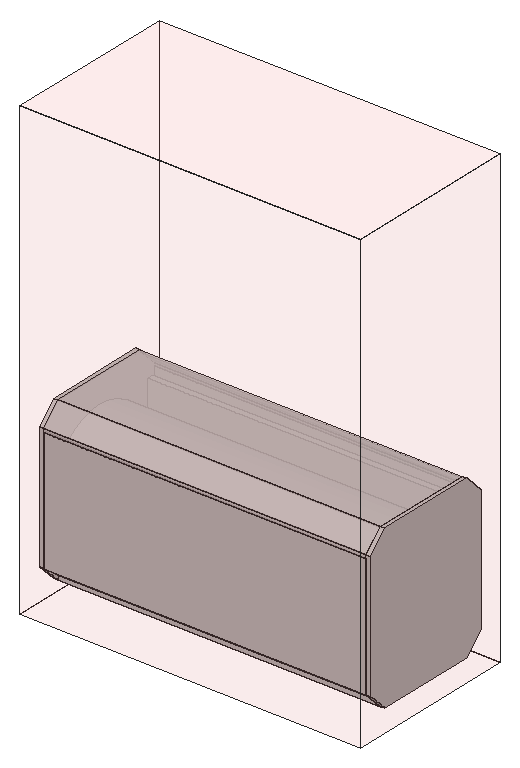
Revit family "Air-Curtain_Insect-Control_PoweredAire_BCE-BCT", category Mechanical Equipment, host Face, Revit 2025
Family settings
  Host = Face
  Round Connector Dimension = Use Diameter
  Part Type = Normal
  OmniClass Number = 23.75.35.17.21
  OmniClass Title = Air Curtains
  Cut with Voids When Loaded = No
  Maintain Annotation Orientation = No
  Shared = No
  Room Calculation Point = No
Parameters
  Warranty Duration (Years) = 0
  Unit Width Notes = "Other Widths available."  # constant formula
  Unit Width = 3' - 0"
  Unit Weight = 0
  Unit Height = 1' - 3"
  Unit Depth = 1' - 5 1/2"
  URL = "http://www.poweredaire.com/"
  Test Data = ""
  Standards Conformance = "as Specified"
  Specification = "http://www.arcat.com/sdspecs/htm04/23_34_33pai.htm"
  SpecWizard = ""
  Sound Pressure = "as Specified"
  Sales Information = "http://www.poweredaire.com/contact_us"
  Revision = "R1_2016-08"
  Projection from Host [instance] = 0' - 2"
  Product Properties = ""
  Product Data = "http://www.arcat.com/arcatcos/cos47/arc47623.html"
  Power Rating = 0 W
  Nozzle Width = if(1 = 1, Unit Width - 0' 1", 0' 0")  # 2' - 11"
  Mounting Width = if(1 = 1, Unit Width - 0' 0 15/16", 0' 0")  # 2' - 11 1/16"
  Mounting Height [instance] = 3' - 6"
  Motor RPM = 0
  Motor HP = 0
  Motor Count = 0
  Model = "As Specified"
  Max Height = 0' - 0"
  Manufacturer Website = "http://www.poweredaire.com/"
  Manufacturer Phone - Toll Free = "888-321-2473"
  Manufacturer Phone = "724-588-3305"
  Manufacturer Fax = "724-588-3371"
  Manufacturer Address = "109 Mortensen Rd.  Greenville, PA 16125"
  Manufacturer = "Powered Aire, Inc"
  Maintenance Schedule (Months) = 0
  Keynote = "23 34 33"
  Installation-Fabrication = ""
  Installation Phase = ""
  Include Clearance [instance] = yes
  Heating Element Load = 0 W
  HVAC_Temperature Rise = 0 °F
  HVAC_Outlet Volume = 0 CFM
  HVAC_Outlet Velocity Uniformity = 0
  HVAC_Outlet Velocity = 0 FPM
  Green Building-LEED = "http://www.arcat.com/green/clients/leed_data_47623.html"
  Front Grating Material [instance] = Metal - Steel - PoweredAire - Stainless 304 Perforated
  Frame Finish [instance] = Metal - Steel - PoweredAire - Stainless 304
  Expected Lifespan (Years) = 0
  Electrical_Wattage [instance] = Power Rating + Heating Element Load  # 0 W
  Electrical_Voltage [instance] = 0 V
  Electrical_Phase [instance] = 1
  Electrical_Frequency [instance] = 0 Hz
  Electrical_Amperage [instance] = 0 A
  Drawn By = "Sumex Design, Inc. / Robert S. Weygant, CSI, CDT, SCIP"
  Description = "Powered Aire Air Curtain as Specified"
  Default Elevation = 0' - 0"  # constant formula
  Copyright = "©Arcat Inc."
  Construction Details = "http://www.arcat.com/details/powair/prod3336.html"
  Clearance_Top [instance] = 0' - 2"
  Clearance_Side B [instance] = 0' - 0 1/2"
  Clearance_Side A [instance] = 0' - 0 1/2"
  Clearance_Intake [instance] = 2' - 6"
  Clearance_Bottom [instance] = 0' - 2"
  Clearance Material [instance] = ARCAT Clearance
  Building Codes = ""
  Available Options [instance] = "as Specified"
  Assembly Code = "D3090400"
Reference planes (in)
  plane 1 "Center (Elevation)": y = 0.13818
  plane 2: z = 0
  plane 3 "Center (Left/Right)": x = 0
  plane 4: y = 7.63818
  plane 5: y = -7.36182
  plane 6: x = -18
  plane 7: x = 18
  plane 8: z = 19.5
  plane 9 "FF": y = -41.86182
  plane 10: z = 2
  plane 11: x = 17.5
  plane 12: x = -17.5
  plane 13: y = 9.63818
  plane 14: y = -9.36182
  plane 15: x = -18.5
  plane 16: x = 18.5
  plane 17: z = 49.5
Forms (in)
  Extrusion 1, solid, material "Metal - Steel - PoweredAire - Stainless 304" <- "Frame Finish"
    sketch origin (0, 0, 0) x (0, 1, 0) y (0, 0, 1)
      loop
        line (5.69363, 2) -> (7.63818, 3.94454) -> (7.63818, 17.55546) -> (5.69363, 19.5) -> (-5.41728, 19.5) -> (-7.36182, 17.55546) -> (-7.36182, 3.94454) -> (-5.41728, 2) -> (5.69363, 2)
    from 17.5 to 18
  Extrusion 2, solid, material "Metal - Steel - PoweredAire - Stainless 304" <- "Frame Finish"
    sketch origin (0, 0, -0.5) x (0, 1, 0) y (0, 0, 1)
      loop
        circle (0.13818, 10.9739) r 6.25
      loop
        line (6.63818, 16.89427) -> (6.63818, 5.87829) -> (7.33849, 5.87829) -> (7.33849, 16.89427) -> (6.63818, 16.89427)
      loop
        line (-7.02798, 16.76927) -> (-7.02798, 5.75329) -> (-6.36182, 5.75329) -> (-6.36182, 16.76927) -> (-7.02798, 16.76927)
    from -17.5 to 17.5
  Extrusion 3, solid, material "Metal - Steel - PoweredAire - Stainless 304" <- "Frame Finish"
    sketch origin (0, 0, 0) x (0, 1, 0) y (0, 0, -1)
      loop
        line (5.69363, -2) -> (-5.41728, -2) -> (-7.36182, -3.94454) -> (-7.36182, -17.55546) -> (-5.41728, -19.5) -> (5.69363, -19.5) -> (7.63818, -17.55546) -> (7.63818, -3.94454) -> (5.69363, -2)
    from 17.5 to 18
  Extrusion 4, solid, material "Metal - Steel - PoweredAire - Stainless 304" <- "Frame Finish"
    sketch origin (0, 0, 0) x (0, 1, 0) y (0, 0, 1)
      loop
        line (-5.41728, 2) -> (5.69363, 2) -> (7.63818, 3.94454) -> (7.63818, 17.19454) -> (7.51318, 17.19454) -> (7.51318, 3.99632) -> (5.64186, 2.125) -> (-5.29228, 2.125) -> (-5.29228, 4.06954) -> (-7.23682, 4.06954) -> (-7.23682, 17.19454) -> (-7.36182, 17.19454) -> (-7.36182, 3.94454) -> (-5.41728, 3.94454) -> (-5.41728, 2)
      loop
        line (-6.64819, 3.61034) -> (-5.8702, 2.83235) -> (-5.74472, 2.95783) -> (-6.52271, 3.73583) -> (-6.64819, 3.61034)
    from -17.5 to 17.5
  Extrusion 5, solid, material "Metal - Steel - PoweredAire - Stainless 304 Perforated" <- "Front Grating Material"
    sketch origin (0, 0, 0) x (0, 1, 0) y (0, 0, 1)
      loop
        line (-7.36182, 17.19454) -> (-7.23682, 17.19454) -> (-7.23682, 17.50368) -> (-5.3655, 19.375) -> (5.64186, 19.375) -> (7.51318, 17.50368) -> (7.51318, 17.19454) -> (7.63818, 17.19454) -> (7.63818, 17.55546) -> (5.69363, 19.5) -> (-5.41728, 19.5) -> (-7.36182, 17.55546) -> (-7.36182, 17.19454)
    from -17.5 to 17.5
  Extrusion 6, solid, material "ARCAT Clearance" <- "Clearance Material", visible <- "Include Clearance"
    sketch origin (0, 0, 0) x (0, 1, 0) y (0, 0, 1)
      loop
        line (-9.36182, 49.5) -> (-9.36182, 0) -> (9.63818, 0) -> (9.63818, 49.5) -> (-9.36182, 49.5)
    from -18.5 to 18.5
Dimensions and locks (in)
  equal spacing: plane 4, plane 1 "Center (Elevation)", plane 5
  "Unit Height": plane 4 to plane 5
  equal spacing: plane 6, plane 3 "Center (Left/Right)", plane 7
  "Unit Width": plane 6 to plane 7
  "Mounting Height": plane 1 "Center (Elevation)" to plane 9 "FF"
  "Projection from Host": plane 10 to level
  "Unit Depth": plane 8 to plane 10
  locked: plane 6 to plane 12 at 0.5
  locked: plane 11 to plane 7 at 0.5
  "Clearance_Side A": plane 7 to plane 16
  "Clearance_Side B": plane 15 to plane 6
  "Clearance_Top": plane 13 to plane 4
  "Clearance_Bottom": plane 5 to plane 14
  "Clearance_Intake": plane 17 to plane 8
  aligned and locked: plane 2 to host face
  aligned and locked: level to host face
  aligned and locked: plane 7 to Extrusion 1
  aligned and locked: Extrusion 1 to plane 11
  aligned and locked: plane 12 to Extrusion 3
  aligned and locked: Extrusion 3 to plane 6
  aligned and locked: Extrusion 2 to plane 12
  aligned and locked: plane 11 to Extrusion 2
  aligned and locked: plane 11 to Extrusion 4
  aligned and locked: Extrusion 4 to plane 12
  aligned and locked: plane 11 to Extrusion 5
  aligned and locked: Extrusion 5 to plane 12
  aligned and locked: Extrusion 6 sketch curve to plane 17
  aligned and locked: plane 14 to Extrusion 6 sketch curve
  aligned and locked: level to Extrusion 6 sketch curve
  aligned and locked: Extrusion 6 sketch curve to plane 13
  aligned and locked: plane 16 to Extrusion 6
  aligned and locked: Extrusion 6 to plane 15
Automatic sketch dimensions
  host sketch curve to host sketch curve = 8' - 0"  (x2)
  Extrusion 1 sketch curve to plane 5 = 0' - 0"
  Extrusion 1 sketch curve to plane 8 = 0' - 0"
  Extrusion 1 sketch curve to plane 10 = 0' - 0"
  Extrusion 1 sketch curve to plane 4 = 0' - 0"
  plane 5 to Extrusion 1 sketch curve = 0' - 1.94454"  (x2)
  Extrusion 1 sketch curve to plane 4 = 0' - 1.94454"  (x2)
  plane 10 to Extrusion 1 sketch curve = 0' - 1.94454"  (x2)
  Extrusion 1 sketch curve to plane 8 = 0' - 1.94454"  (x2)
  Extrusion 2 sketch curve to plane 1 "Center (Elevation)" = 0' - 0"
  plane 5 to Extrusion 2 sketch curve = 0' - 1"
  plane 5 to Extrusion 2 sketch curve = 0' - 0.33384"
  Extrusion 2 sketch curve to plane 4 = 0' - 1"
  Extrusion 2 sketch curve to plane 4 = 0' - 0.29969"
  plane 10 to Extrusion 2 sketch curve = 0' - 3.37829"
  plane 10 to Extrusion 2 sketch curve = 0' - 3.25329"
  Extrusion 2 sketch curve to plane 8 = 0' - 9.0261"
  Extrusion 2 sketch curve to plane 8 = 0' - 3.23073"
  Extrusion 2 sketch curve to plane 8 = 0' - 3.10573"
  Extrusion 3 sketch curve to plane 5 = 0' - 0"
  Extrusion 3 sketch curve to plane 8 = 0' - 0"
  Extrusion 3 sketch curve to plane 10 = 0' - 0"
  Extrusion 3 sketch curve to plane 4 = 0' - 0"
  plane 5 to Extrusion 3 sketch curve = 0' - 1.94454"  (x2)
  Extrusion 3 sketch curve to plane 4 = 0' - 1.94454"  (x2)
  Extrusion 3 sketch curve to plane 8 = 0' - 1.94454"  (x2)
  plane 10 to Extrusion 3 sketch curve = 0' - 1.94454"  (x2)
  Extrusion 4 sketch curve to plane 5 = 0' - 0"
  Extrusion 4 sketch curve to plane 10 = 0' - 0"
  Extrusion 4 sketch curve to plane 4 = 0' - 0"
  plane 5 to Extrusion 4 sketch curve = 0' - 0 1/8"
  plane 5 to Extrusion 4 sketch curve = 0' - 0.71363"
  Extrusion 4 sketch curve to Extrusion 4 sketch curve = 0' - 0.12548"  (x2)
  Extrusion 4 sketch curve to Extrusion 4 sketch curve = 0' - 0.778"
  Extrusion 4 sketch curve to Extrusion 4 sketch curve = 0' - 0.32744"
  Extrusion 4 sketch curve to Extrusion 4 sketch curve = 0' - 0 1/8"  (x2)
  plane 10 to Extrusion 4 sketch curve = 0' - 0 1/8"
  Extrusion 4 sketch curve to plane 4 = 0' - 1.99632"
  Extrusion 4 sketch curve to Extrusion 4 sketch curve = 0' - 0.05178"  (x2)
  plane 10 to Extrusion 4 sketch curve = 0' - 0.83235"
  plane 10 to Extrusion 4 sketch curve = 0' - 1.94454"
  Extrusion 4 sketch curve to Extrusion 4 sketch curve = 0' - 0.3342"
  Extrusion 4 sketch curve to plane 4 = 0' - 0 1/8"
  Extrusion 4 sketch curve to plane 8 = 0' - 2.30546"  (x2)
  Extrusion 5 sketch curve to plane 5 = 0' - 0"
  Extrusion 5 sketch curve to plane 8 = 0' - 0"
  Extrusion 5 sketch curve to plane 4 = 0' - 0"
  plane 5 to Extrusion 5 sketch curve = 0' - 0 1/8"
  plane 5 to Extrusion 5 sketch curve = 0' - 1.94454"
  Extrusion 5 sketch curve to plane 8 = 0' - 0 1/8"
  Extrusion 5 sketch curve to Extrusion 5 sketch curve = 0' - 0.05178"  (x4)
  Extrusion 5 sketch curve to plane 4 = 0' - 1.99632"
  Extrusion 5 sketch curve to plane 8 = 0' - 1.94454"  (x2)
  Extrusion 5 sketch curve to Extrusion 5 sketch curve = 0' - 0 1/8"
  Extrusion 5 sketch curve to Extrusion 5 sketch curve = 0' - 0.30914"  (x2)
  radius of Extrusion 2 sketch curve = 0' - 6 1/4"
Connectors (in)
  electrical at (0, 7.63818, 10.56954), driven by "Electrical_Phase", driven by "Electrical_Voltage"
    settings: on Extrusion 4, index 1, voltage 0 V, apparent load 0 VA, apparent load phase1 0 VA, apparent load phase2 0 VA, apparent load phase3 0 VA, power factor 1, load classification "Motor", number of poles 1, system type 31, power factor state 1, is connector primary yes, connector utility no, sub classification motor no, connector description ""
